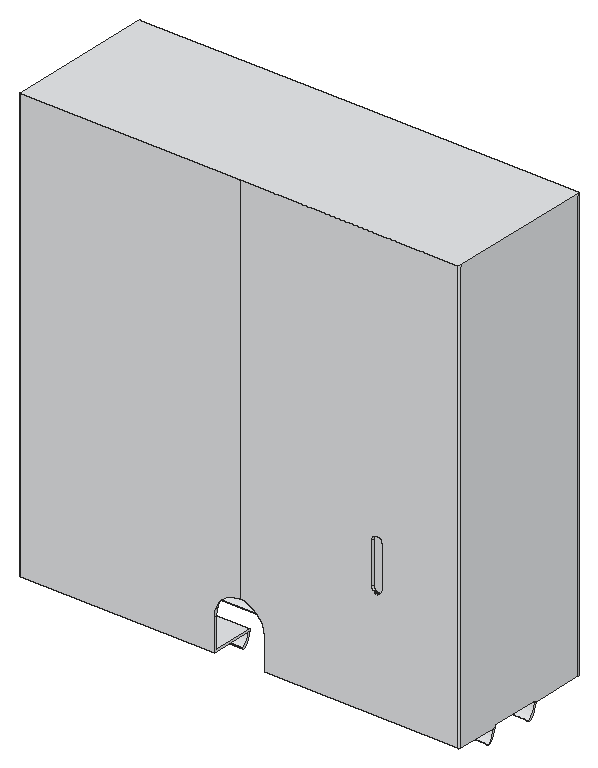
Revit family "Silver Stainless Steel Paper Dispenser Manual_IN", category Generic Models, Revit 2017
Family settings
  Can host rebar = No
  Round Connector Dimension = Use Diameter
  Part Type = Normal
  Work Plane-Based = No
  Always vertical = Yes
  Cut with Voids When Loaded = No
  Shared = No
  Room Calculation Point = No
Parameters
  Website = "https://dolphy.in/"  # constant formula
  M&L = Dolphy_CHROME
  Contact number = "+91 9520202035"  # constant formula
  Contact email = "info@dolphy.in"  # constant formula
  Company name = "Dolphy India"  # constant formula
Reference planes
  plane 1 "Center (Front/Back)": y = 0
  plane 2: z = 0
  plane 3 "Center (Left/Right)": x = 0
Forms (mm)
  Extrusion 1, solid, material "Dolphy_CHROME" <- "M&L"
    sketch origin (0, -90, 0) x (-1, 0, 0) y (0, -1, 0)
      loop
        line (0, 0) -> (-131.491, 0)
        arc (-131.491, 0) -> (-132.204, -0.296) -> (-132.5, -1.009) r 1.009
        line (-132.5, -1.009) -> (-132.5, -88.973)
        arc (-132.5, -88.973) -> (-132.199, -89.699) -> (-131.473, -90) r 1.027
        line (-131.473, -90) -> (0, -90) -> (131.469, -90)
        arc (131.469, -90) -> (132.198, -89.698) -> (132.5, -88.969) r 1.031
        line (132.5, -88.969) -> (132.5, -1.01)
        arc (132.5, -1.01) -> (132.204, -0.296) -> (131.49, 0) r 1.01
        line (131.49, 0) -> (0, 0)
      loop
        line (-131.3, -1.2) -> (-131.3, -88.8) -> (0, -88.8) -> (131.3, -88.8) -> (131.3, -1.2) -> (0, -1.2) -> (-131.3, -1.2)
    from 0 to 260
  Extrusion 2, solid, material "Dolphy_CHROME" <- "M&L"
    sketch origin (0, -90, 260) x (-1, 0, 0) y (0, -1, 0)
      loop
        line (-131.3, -88.8) -> (0, -88.8) -> (131.3, -88.8) -> (131.3, -1.2) -> (0, -1.2) -> (-131.3, -1.2) -> (-131.3, -88.8)
    from 0 to -1.2
  Extrusion 3, solid, material "Dolphy_CHROME" <- "M&L"
    sketch origin (0, -90, 0) x (0, -1, 0) y (-1, 0, 0)
      loop
        line (-88.8, 0) -> (-88.8, -131.3) -> (-1.2, -131.3) -> (-1.2, 0) -> (-1.2, 131.3) -> (-88.8, 131.3) -> (-88.8, 0)
    from 0 to -1.2
  Extrusion 4, void
    sketch origin (0, -90, 0) x (0, -1, 0) y (1, 0, 0)
      loop
        line (-26.2, 132.5) -> (-56.2, 132.5) -> (-56.2, -132.5) -> (-26.2, -132.5) -> (-26.2, 132.5)
    from 0 to 1.2
  Sweep 5, solid, material "Dolphy_CHROME" <- "M&L"
    path in 3D
      loop
        line (-132.5, -63.8, 0) -> (132.5, -63.8, 0)
    profile origin (0, -63.8, 0) x (0, -1, 0) y (0, 0, -1)
      loop
        line (0, 0) -> (0.796, -0.081)
        arc (0.796, -0.081) -> (2.05, 3.922) -> (4.78, 7.106) r 10.422
        arc (4.78, 7.106) -> (4.233, 7.398) -> (3.645, 7.199) r 0.781
        arc (3.645, 7.199) -> (1.153, 3.939) -> (0, 0) r 11.222
  Sweep 6, solid, material "Dolphy_CHROME" <- "M&L"
    path in 3D
      loop
        line (132.5, -33.8, 0) -> (-132.5, -33.8, 0)
    profile origin (0, -33.8, 0) x (0, 1, 0) y (0, 0, -1)
      loop
        line (0, 0) -> (0.804, 0)
        arc (0.804, 0) -> (-0.411, 4.243) -> (-3.074, 7.761) r 12.022
        arc (-3.074, 7.761) -> (-3.66, 7.963) -> (-4.21, 7.676) r 0.784
        arc (-4.21, 7.676) -> (-1.325, 4.266) -> (0, 0) r 11.222
  Extrusion 7, void
    sketch origin (-51.25, -90, 0) x (-1, 0, 0) y (0, 0, 1)
      loop
        arc (-36.244, 19.263) -> (-51.247, 34.266) -> (-66.25, 19.263) r 15.003
        line (-66.25, 19.263) -> (-66.25, -7.676) -> (-36.244, -7.676) -> (-36.244, 19.263)
    from 0 to 32.879
  Extrusion 8, void
    sketch origin (-51.25, -90, 0) x (-1, 0, 0) y (0, 0, 1)
      loop
        line (-137.204, 93.98) -> (-137.204, 68.98)
        arc (-137.204, 68.98) -> (-134.078, 65.853) -> (-130.952, 68.98) r 3.126
        line (-130.952, 68.98) -> (-130.952, 93.98)
        arc (-130.952, 93.98) -> (-134.078, 97.106) -> (-137.204, 93.98) r 3.126
    from 0 to 10
Cuts and joins
  Extrusion 4, Extrusion 7, Extrusion 8 cuts Extrusion 1
  Extrusion 4, Extrusion 7 cuts Extrusion 3
  joined: Extrusion 1, Extrusion 2, Extrusion 3
  Extrusion 7 cuts Sweep 5
Lines and regions (mm)
  sketch lines
    curve 1: line (-132.5, -63.8, 0) -> (132.5, -63.8, 0)
    curve 2: line (132.5, -33.8, 0) -> (-132.5, -33.8, 0)
Dimensions and locks
  cut or joined group of Extrusion 1, Extrusion 2, Extrusion 3, Extrusion 4, Extrusion 7, Extrusion 8 to cut or joined group of Extrusion 1, Extrusion 2, Extrusion 3, Extrusion 4, Extrusion 7, Extrusion 8 = 265 mm
  cut or joined group of Extrusion 1, Extrusion 2, Extrusion 3, Extrusion 4, Extrusion 7, Extrusion 8 to cut or joined group of Extrusion 1, Extrusion 2, Extrusion 3, Extrusion 4, Extrusion 7, Extrusion 8 = 260 mm
  cut or joined group of Extrusion 1, Extrusion 2, Extrusion 3, Extrusion 4, Extrusion 7, Extrusion 8 to plane 1 "Center (Front/Back)" = 90 mm
  aligned and locked: level to plane 2
